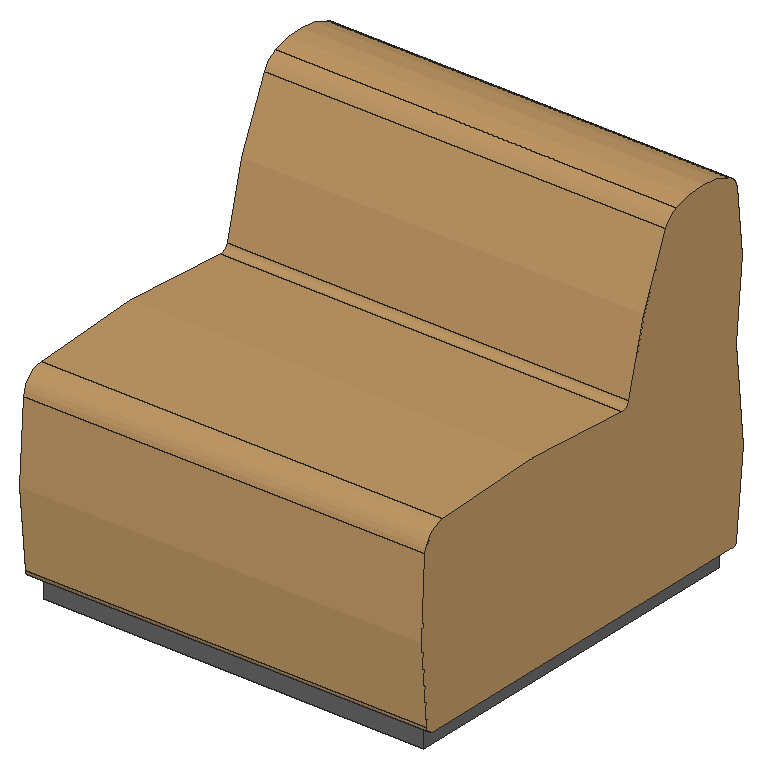
Revit family "FU_Modular_Pau 1020TA", category Furniture, Revit 2020
Family settings
  OmniClass Number = 23.40.20.00
  OmniClass Title = General Furniture and Specialties
  Work Plane-Based = No
  Always vertical = Yes
  Cut with Voids When Loaded = No
  Shared = No
  Room Calculation Point = No
Parameters (values of type "PAU 1020TA")
  Width = 800 mm
  URL = "https://www.sandlerseating.com/product/pau1020ta/"
  Seat [instance] = Fabric - Gravity - Sunni CPC20
  Model = "PAU1020TA"
  Manufacturer = "Sandler"
  Height = 720 mm
  Description = "Upholstered modular seat with backrest. Width 80cm."
  Depth = 800 mm
  Default Elevation = 0 mm
  Base [instance] = Lacquer - W1 - B00 Black
Reference planes
  plane 1 "Center (Front/Back)": y = 0
  plane 2: z = 0
  plane 3 "Center (Left/Right)": x = 0
  plane 4 "Right": x = -400
  plane 5 "Left": x = 400
  plane 6 "Back": y = 400
  plane 7 "Front": y = -400
  plane 8 "Height": z = 720
  plane 9 "Seat height": z = 420
  plane 10 "Base Right": x = -379.111
  plane 11 "Base Back": y = 366.687
  plane 12 "Base Left": x = 378.588
  plane 13 "Base Front": y = -366.901
  plane 14 "Base Top": z = 40
Forms (mm)
  Extrusion 1, solid, material "Lacquer - W1 - B00 Black" <- "Base"
    sketch origin (0, 0, 0) x (1, 0, 0) y (0, 1, 0)
      loop
        line (-379.111, 366.687) -> (-379.111, -366.901) -> (378.588, -366.901) -> (378.588, 366.687) -> (-379.111, 366.687)
    from 0 to 40
  Extrusion 2, solid, material "Fabric - Gravity - Sunni CPC20" <- "Seat"
    sketch origin (0, 0, 0) x (0, 1, 0) y (0, 0, 1)
      loop
        arc (-347.109, 408.238) -> (-376.551, 394.157) -> (-391.033, 364.911) r 50
        arc (-391.033, 364.911) -> (-399.905, 208.642) -> (-386.679, 52.681) r 1108.576
        arc (-386.679, 52.681) -> (-381.612, 43.603) -> (-371.859, 40) r 15
        line (-371.859, 40) -> (374.029, 40)
        arc (374.029, 40) -> (380.395, 42.288) -> (383.848, 48.104) r 10
        arc (383.848, 48.104) -> (399.882, 210.98) -> (385.633, 374.022) r 884.51
        arc (385.633, 374.022) -> (383.344, 399.87) -> (385.795, 425.704) r 142.036
        arc (385.795, 425.704) -> (397.5, 553.207) -> (385.031, 680.637) r 678.162
        arc (385.031, 680.637) -> (378.627, 694.761) -> (366.547, 704.486) r 33.492
        arc (366.547, 704.486) -> (302.388, 719.935) -> (237.455, 708.154) r 159.868
        arc (237.455, 708.154) -> (220.834, 697.678) -> (208.813, 682.137) r 56.417
        arc (208.813, 682.137) -> (152.848, 552.661) -> (116.957, 416.25) r 936.801
        arc (116.957, 416.25) -> (111.022, 406.829) -> (100.228, 404.095) r 15
        arc (100.228, 404.095) -> (-123.313, 419.929) -> (-347.109, 408.238) r 1824.42
    from -400 to 400
Dimensions and locks
  equal spacing: plane 4 "Right", plane 3 "Center (Left/Right)", plane 5 "Left"
  "Width": plane 4 "Right" to plane 5 "Left"
  equal spacing: plane 6 "Back", plane 1 "Center (Front/Back)", plane 7 "Front"
  "Depth": plane 6 "Back" to plane 7 "Front"
  "Height": plane 8 "Height" to level
  plane 9 "Seat height" to level = 420 mm
  locked: plane 6 "Back" to plane 11 "Base Back" at 33.313
  locked: plane 4 "Right" to plane 10 "Base Right" at 20.889
  locked: plane 12 "Base Left" to plane 5 "Left" at 21.412
  locked: plane 13 "Base Front" to plane 7 "Front" at 33.099
  aligned and locked: level to plane 2
  aligned and locked: Extrusion 1 sketch curve to plane 11 "Base Back"
  aligned and locked: Extrusion 1 sketch curve to plane 10 "Base Right"
  aligned and locked: Extrusion 1 sketch curve to plane 13 "Base Front"
  aligned and locked: Extrusion 1 sketch curve to plane 12 "Base Left"
  aligned and locked: plane 4 "Right" to Extrusion 2
  aligned and locked: Extrusion 2 to plane 5 "Left"
Automatic sketch dimensions
  plane 14 "Base Top" to Extrusion 2 sketch curve = 0 mm
  Extrusion 2 sketch curve to plane 7 "Front" = 84.615 mm
  Extrusion 2 sketch curve to plane 13 "Base Front" = 4.958 mm
  plane 13 "Base Front" to Extrusion 2 sketch curve = 25.463 mm
  plane 13 "Base Front" to Extrusion 2 sketch curve = 86.242 mm
  plane 1 "Center (Front/Back)" to Extrusion 2 sketch curve = 140.209 mm
  Extrusion 2 sketch curve to plane 9 "Seat height" = 1.036 mm
  Extrusion 2 sketch curve to plane 1 "Center (Front/Back)" = 102.204 mm
  plane 11 "Base Back" to Extrusion 2 sketch curve = 107.92 mm
  plane 11 "Base Back" to Extrusion 2 sketch curve = 68.841 mm
  plane 11 "Base Back" to Extrusion 2 sketch curve = 14.533 mm
  Extrusion 2 sketch curve to plane 11 "Base Back" = 7.342 mm
  Extrusion 2 sketch curve to plane 9 "Seat height" = 20.575 mm
  plane 6 "Back" to Extrusion 2 sketch curve = 125.379 mm
  Extrusion 2 sketch curve to Extrusion 2 sketch curve = 183.184 mm
  Extrusion 2 sketch curve to Extrusion 2 sketch curve = 329.735 mm
  Extrusion 2 sketch curve to level = 1404.412 mm
  Extrusion 2 sketch curve to plane 14 "Base Top" = 10 mm
  Extrusion 2 sketch curve to plane 14 "Base Top" = 15 mm
  Extrusion 2 sketch curve to plane 14 "Base Top" = 175.825 mm
  Extrusion 2 sketch curve to plane 14 "Base Top" = 184.101 mm
  Extrusion 2 sketch curve to plane 9 "Seat height" = 173.236 mm
  Extrusion 2 sketch curve to plane 9 "Seat height" = 61.44 mm
  plane 9 "Seat height" to Extrusion 2 sketch curve = 131.174 mm
  plane 9 "Seat height" to Extrusion 2 sketch curve = 140.132 mm
  Extrusion 2 sketch curve to plane 8 "Height" = 64.082 mm
  Extrusion 2 sketch curve to plane 8 "Height" = 45.757 mm
  plane 7 "Front" to Extrusion 2 sketch curve = 8.967 mm
  Extrusion 2 sketch curve to Extrusion 2 sketch curve = 0 mm  (x10)
